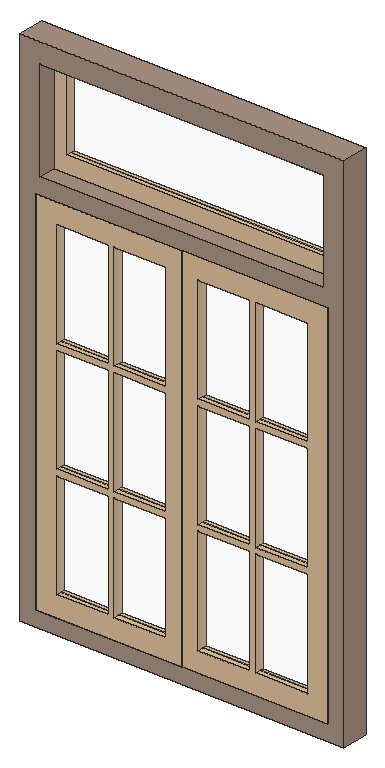
Revit family
Parameters (values of type "1200x1500 mm")
  Ventilator Height = 450 mm
  Top Rail = 60 mm
  Stile = 60 mm
  Material of Shutter = Shutter Material
  Material of Panel = Glass (2)
  Height = 1500 mm
  Frame Width = 75 mm
  Frame Depth = 100 mm
  Material of Frame = Frame Material
  Default Sill Height = 800 mm
  Wall Closure = (empty or 0)
  Width = 1200 mm
  Bottom Rail = 60 mm
Types (4, lengths in mm): name | Frame Width | Width
  (no name) | 75 | 1200
  1500x1500 mm | 60 | 1500
  1200x1500 mm | 75 | 1200
  1800x1500 mm | 60 | 1800
Reference planes
  plane 1: y = 0
  plane 2 "Center (Left/Right)": x = 0
  plane 3 "Left": x = -600
  plane 4 "Right": x = 600
  plane 5 "Sill": z = 800
  plane 6 "Head": z = 2300
  plane 7 "Exterior": y = 80
  plane 8 "Interior": y = -70
  plane 9: x = -525
  plane 10: x = 525
  plane 11: y = 50
  plane 12: y = -50
  plane 13: z = 2225
  plane 14: z = 875
  plane 15: x = -465
  plane 16: x = 465
  plane 17: z = 2165
  plane 18: z = 935
  plane 19: x = -60
  plane 20: x = 60
  plane 21: z = 1550
  plane 22: z = 2750
  plane 23: x = -475
  plane 24: x = -50
  plane 25: x = -262.5
  plane 26: x = 475
  plane 27: x = 50
  plane 28: x = 262.5
  plane 29: z = 2175
  plane 30: z = 925
  plane 31: z = 1758.333
  plane 32: z = 1341.667
Forms (mm)
  Sweep 1, solid, material "Frame Material"
    path origin (0, 0, 0) x (1, 0, 0) y (0, 0, 1)
      loop
        line (-600, 800) -> (600, 800) -> (600, 2300) -> (-600, 2300) -> (-600, 800)
    profile origin (0, 0, 1550) x (-1, 0, 0) y (0, -1, 0)
      loop
        line (600, 50) -> (540, 50) -> (540, 15) -> (525, 15) -> (525, -50) -> (600, -50) -> (600, 50)
  Extrusion 2, solid, material "Shutter Material" <- "Material of Shutter"
    sketch origin (0, -50, 0) x (1, 0, 0) y (0, 0, 1)
      loop
        line (2.5, 860) -> (540, 860) -> (540, 2240) -> (2.5, 2240) -> (2.5, 860)
      loop
        line (-2.5, 860) -> (-2.5, 2240) -> (-540, 2240) -> (-540, 860) -> (-2.5, 860)
      loop
        line (-465, 2165) -> (-465, 1768.333) -> (-272.5, 1768.333) -> (-272.5, 2165) -> (-465, 2165)
      loop
        line (-465, 935) -> (-272.5, 935) -> (-272.5, 1331.667) -> (-465, 1331.667) -> (-465, 935)
      loop
        line (-60, 935) -> (-60, 1331.667) -> (-252.5, 1331.667) -> (-252.5, 935) -> (-60, 935)
      loop
        line (-60, 2165) -> (-252.5, 2165) -> (-252.5, 1768.333) -> (-60, 1768.333) -> (-60, 2165)
      loop
        line (60, 2165) -> (60, 1768.333) -> (252.5, 1768.333) -> (252.5, 2165) -> (60, 2165)
      loop
        line (60, 935) -> (252.5, 935) -> (252.5, 1331.667) -> (60, 1331.667) -> (60, 935)
      loop
        line (465, 935) -> (465, 1331.667) -> (272.5, 1331.667) -> (272.5, 935) -> (465, 935)
      loop
        line (465, 2165) -> (272.5, 2165) -> (272.5, 1768.333) -> (465, 1768.333) -> (465, 2165)
      loop
        line (-465, 1748.333) -> (-465, 1351.667) -> (-272.5, 1351.667) -> (-272.5, 1748.333) -> (-465, 1748.333)
      loop
        line (-60, 1748.333) -> (-252.5, 1748.333) -> (-252.5, 1351.667) -> (-60, 1351.667) -> (-60, 1748.333)
      loop
        line (465, 1748.333) -> (272.5, 1748.333) -> (272.5, 1351.667) -> (465, 1351.667) -> (465, 1748.333)
      loop
        line (252.5, 1748.333) -> (60, 1748.333) -> (60, 1351.667) -> (252.5, 1351.667) -> (252.5, 1748.333)
    from 0 to -35
  Sweep 3, solid, material "Frame Material"
    path origin (0, 0, 0) x (1, 0, 0) y (0, 0, 1)
      loop
        line (-600, 2300) -> (-600, 2750) -> (600, 2750) -> (600, 2300)
    profile origin (0, 0, 2525) x (-1, 0, 0) y (0, -1, 0)
      loop
        line (540, -15) -> (540, -50) -> (600, -50) -> (600, 50) -> (525, 50) -> (525, -15) -> (540, -15)
  Extrusion 4, solid, material "Shutter Material" <- "Material of Shutter"
    sketch origin (0, 50, 0) x (1, 0, 0) y (0, 0, 1)
      loop
        line (540, 2300) -> (540, 2690) -> (-540, 2690) -> (-540, 2300) -> (540, 2300)
      loop
        line (480, 2360) -> (480, 2630) -> (-480, 2630) -> (-480, 2360) -> (480, 2360)
    from 0 to 35
  Extrusion 5, solid, material "Glass (2)" <- "Material of Panel"
    sketch origin (0, 0, 0) x (1, 0, 0) y (0, 0, 1)
      loop
        line (-480, 2630) -> (-480, 2360) -> (480, 2360) -> (480, 2630) -> (-480, 2630)
    from -34.712 to -30.712
  Extrusion 6, solid, material "Glass (2)" <- "Material of Panel"
    sketch origin (0, -50, 0) x (1, 0, 0) y (0, 0, 1)
      loop
        line (-465, 2165) -> (-465, 1768.333) -> (-272.5, 1768.333) -> (-272.5, 2165) -> (-465, 2165)
      loop
        line (-252.5, 2165) -> (-252.5, 1768.333) -> (-60, 1768.333) -> (-60, 2165) -> (-252.5, 2165)
      loop
        line (-465, 1748.333) -> (-465, 1351.667) -> (-272.5, 1351.667) -> (-272.5, 1748.333) -> (-465, 1748.333)
      loop
        line (-252.5, 1748.333) -> (-252.5, 1351.667) -> (-60, 1351.667) -> (-60, 1748.333) -> (-252.5, 1748.333)
      loop
        line (-465, 1331.667) -> (-465, 935) -> (-272.5, 935) -> (-272.5, 1331.667) -> (-465, 1331.667)
      loop
        line (-252.5, 1331.667) -> (-252.5, 935) -> (-60, 935) -> (-60, 1331.667) -> (-252.5, 1331.667)
      loop
        line (60, 2165) -> (60, 1768.333) -> (252.5, 1768.333) -> (252.5, 2165) -> (60, 2165)
      loop
        line (272.5, 2165) -> (272.5, 1768.333) -> (465, 1768.333) -> (465, 2165) -> (272.5, 2165)
      loop
        line (60, 1748.333) -> (60, 1351.667) -> (252.5, 1351.667) -> (252.5, 1748.333) -> (60, 1748.333)
      loop
        line (272.5, 1748.333) -> (272.5, 1351.667) -> (465, 1351.667) -> (465, 1748.333) -> (272.5, 1748.333)
      loop
        line (60, 1331.667) -> (60, 935) -> (252.5, 935) -> (252.5, 1331.667) -> (60, 1331.667)
      loop
        line (272.5, 1331.667) -> (272.5, 935) -> (465, 935) -> (465, 1331.667) -> (272.5, 1331.667)
    from -21 to -17
Cuts and joins
  joined: Sweep 1, Sweep 3
Lines and regions (mm)
  Opening 1
    outline origin (3500, -70, 0) x (1, 0, 0) y (0, 0, 1)
      loop
        line (-2900, 800) -> (-2900, 2300) -> (-2900, 2750) -> (-4100, 2750) -> (-4100, 2300) -> (-4100, 800) -> (-2900, 800)
  symbolic lines, style "Elevation Swing"
    curve 1: line (-2.5, 0, 2240) -> (-540, 0, 1550)
    curve 2: line (-2.5, 0, 860) -> (-540, 0, 1550)
    curve 3: line (2.5, 0, 860) -> (540, 0, 1550)
    curve 4: line (2.5, 0, 2240) -> (540, 0, 1550)
  symbolic lines, style "WindowsFrameMullionProjection", detail levels medium+fine
    curve 5: line (-600, 50, 0) -> (-525, 50, 0)
    curve 6: line (-525, 50, 0) -> (-525, -15, 0)
    curve 7: line (-540, -15, 0) -> (-525, -15, 0)
    curve 8: line (-540, -15, 0) -> (-540, -50, 0)
    curve 9: line (-600, -50, 0) -> (-540, -50, 0)
    curve 10: line (600, 50, 0) -> (525, 50, 0)
    curve 11: line (525, 50, 0) -> (525, -20, 0)
    curve 12: line (525, -15, 0) -> (540, -15, 0)
    curve 13: line (540, -15, 0) -> (540, -50, 0)
    curve 14: line (540, -50, 0) -> (600, -50, 0)
    curve 15: line (600, -50, 0) -> (600, 50, 0)
    curve 16: line (-600, 50, 0) -> (-600, -50, 0)
  symbolic lines, style "Plan Swing"
    curve 17: line (-540, -15, 0) -> (540, -15, 0)
    curve 18: line (-540, -50, 0) -> (540, -50, 0)
    curve 19: line (0, -15, 0) -> (0, -50, 0)
  symbolic lines, style "WindowsFrameMullionProjection", detail levels coarse
    curve 20: line (-540, -50, 0) -> (-600, -50, 0)
    curve 21: line (-540, 50, 0) -> (-540, -50, 0)
    curve 22: line (-600, 50, 0) -> (-540, 50, 0)
    curve 23: line (-600, -50, 0) -> (-600, 50, 0)
    curve 24: line (540, -50, 0) -> (600, -50, 0)
    curve 25: line (540, 50, 0) -> (540, -50, 0)
    curve 26: line (600, 50, 0) -> (540, 50, 0)
    curve 27: line (600, -50, 0) -> (600, 50, 0)
Text (mm)
  text "EXTERIOR" at (-1963.203, 1332.353, 0), in view "Ref. Level"
  text "INTERIOR" at (-1981.466, -818.386, 0), in view "Ref. Level"
  text "Exterior" at (0, 923.751, 2943.296), in view "Right"
  text "Exterior" at (0, 1040.484, 2685.409), in view "Left"
Dimensions and locks
  equal spacing: plane 3 "Left", plane 2 "Center (Left/Right)", plane 4 "Right"
  "Width": plane 3 "Left" to plane 4 "Right"
  "Height": plane 5 "Sill" to plane 6 "Head"
  "Default Sill Height": plane 5 "Sill" to level
  locked: plane 7 "Exterior" to host wall at 0
  locked: plane 8 "Interior" to host wall
  locked: Sweep 1 sketch curve to Sweep 1 sketch curve at 15
  "Frame Width": plane 3 "Left" to plane 9
  "Frame Width": plane 10 to plane 4 "Right"
  equal spacing: plane 12, plane 1, plane 11
  "Frame Depth": plane 12 to plane 11
  "Frame Width": plane 6 "Head" to plane 13
  "Frame Width": plane 14 to plane 5 "Sill"
  "Stile": plane 15 to plane 9
  "Stile": plane 10 to plane 16
  "Stile": plane 2 "Center (Left/Right)" to plane 19
  "Stile": plane 20 to plane 2 "Center (Left/Right)"
  "Top Rail": plane 13 to plane 17
  "Bottom Rail": plane 18 to plane 14
  equal spacing: plane 6 "Head", plane 21, plane 5 "Sill"
  "Ventilator Height": plane 22 to plane 6 "Head"
  equal spacing: plane 23, plane 25, plane 24
  equal spacing: plane 26, plane 28, plane 27
  locked: plane 23 to plane 15 at 10
  locked: plane 24 to plane 19 at 10
  locked: plane 27 to plane 20 at 10
  locked: plane 26 to plane 16 at 10
  equal spacing: plane 29, plane 31, plane 32, plane 30
  locked: plane 29 to plane 17 at 10
  locked: plane 18 to plane 30 at 10
  locked: Sweep 1 sketch curve to Sweep 1 sketch curve at 35
  locked: Sweep 3 sketch curve to Sweep 3 sketch curve at 35
  locked: Sweep 3 sketch curve to Sweep 3 sketch curve at 15
  locked: Extrusion 4 to Extrusion 5 at 15.712
  locked: Extrusion 5 to Sweep 3 at 15.288
  aligned and locked: host wall to Sweep 1 sketch curve
  aligned and locked: Sweep 1 sketch curve to host wall  (x2)
  aligned and locked: plane 12 to Sweep 1 sketch curve
  aligned and locked: Sweep 1 sketch curve to plane 3 "Left"
  aligned and locked: plane 11 to Sweep 1 sketch curve
  aligned and locked: plane 9 to Sweep 1 sketch curve
  aligned and locked: plane 15 to Extrusion 2 sketch curve
  aligned and locked: plane 17 to Extrusion 2 sketch curve  (x2)
  aligned and locked: plane 18 to Extrusion 2 sketch curve  (x2)
  aligned and locked: Extrusion 2 sketch curve to plane 19
  aligned and locked: plane 20 to Extrusion 2 sketch curve
  aligned and locked: Extrusion 2 sketch curve to plane 16
  aligned and locked: Extrusion 2 to curve 1
  aligned and locked: curve 1 to Sweep 1
  aligned and locked: curve 2 to Extrusion 2
  aligned and locked: Extrusion 2 to curve 3
  aligned and locked: Sweep 1 to curve 3
  aligned and locked: curve 4 to Extrusion 2
  aligned and locked: curve 5 to Sweep 1  (x2)
  aligned and locked: curve 6 to Sweep 1
  aligned and locked: curve 7 to Sweep 1
  aligned and locked: Sweep 1 to curve 9
  aligned and locked: Sweep 1 to curve 10
  aligned and locked: curve 11 to Sweep 1
  aligned and locked: curve 11 to curve 12
  aligned and locked: Sweep 1 to curve 12
  aligned and locked: Sweep 1 to curve 13
  aligned and locked: Opening 1 sketch curve to plane 3 "Left"
  aligned and locked: plane 22 to Opening 1 sketch curve
  aligned and locked: Sweep 3 sketch curve to host wall  (x3)
  aligned and locked: Extrusion 4 sketch curve to Sweep 3
  aligned and locked: Extrusion 2 to Sweep 1
  aligned and locked: plane 12 to Extrusion 2
  aligned and locked: plane 11 to Sweep 3 sketch curve
  aligned and locked: Sweep 3 sketch curve to Sweep 1  (x3)
  aligned and locked: Extrusion 4 to Extrusion 5 sketch curve
  aligned and locked: Extrusion 5 sketch curve to Extrusion 4  (x3)
  aligned and locked: Extrusion 2 to Extrusion 6 sketch curve  (x12)
  aligned and locked: Extrusion 6 sketch curve to Extrusion 2  (x36)
  aligned and locked: Extrusion 4 to Sweep 3
  aligned and locked: Extrusion 4 to Sweep 1
  aligned and locked: curve 7 to curve 17
  aligned and locked: plane 12 to curve 18
  aligned and locked: curve 19 to plane 2 "Center (Left/Right)"
  aligned and locked: curve 27 to Sweep 1  (x2)
Automatic sketch dimensions
  curve 2 to plane 21 = 0 mm
  curve 4 to plane 21 = 0 mm
  curve 1 to plane 13 = 15 mm
  curve 4 to curve 1 = 0 mm
  plane 14 to curve 3 = 15 mm
  curve 2 to curve 3 = 0 mm
  Opening 1 sketch curve to plane 4 "Right" = 0 mm
  Opening 1 sketch curve to plane 5 "Sill" = 0 mm
  Opening 1 sketch curve to plane 6 "Head" = 0 mm  (x2)
  Sweep 1 sketch curve to plane 6 "Head" = 0 mm
  Sweep 3 sketch curve to plane 6 "Head" = 0 mm  (x2)
  Extrusion 4 sketch curve to plane 9 = 15 mm
  plane 10 to Extrusion 4 sketch curve = 15 mm
  plane 22 to Extrusion 4 sketch curve = 60 mm
  Extrusion 4 sketch curve to plane 6 "Head" = 60 mm
  Extrusion 4 sketch curve to Extrusion 4 sketch curve = 60 mm  (x3)
  Extrusion 2 sketch curve to plane 15 = 0 mm  (x2)
  Extrusion 2 sketch curve to plane 18 = 0 mm  (x2)
  Extrusion 2 sketch curve to plane 17 = 0 mm  (x2)
  Extrusion 2 sketch curve to plane 19 = 0 mm  (x2)
  Extrusion 2 sketch curve to plane 20 = 0 mm  (x2)
  Extrusion 2 sketch curve to plane 16 = 0 mm  (x2)
  Extrusion 2 sketch curve to plane 9 = 15 mm
  plane 25 to Extrusion 2 sketch curve = 10 mm  (x3)
  Extrusion 2 sketch curve to plane 25 = 10 mm  (x3)
  Extrusion 2 sketch curve to plane 2 "Center (Left/Right)" = 2.5 mm
  plane 2 "Center (Left/Right)" to Extrusion 2 sketch curve = 2.5 mm
  plane 28 to Extrusion 2 sketch curve = 10 mm  (x3)
  Extrusion 2 sketch curve to plane 28 = 10 mm  (x3)
  plane 10 to Extrusion 2 sketch curve = 15 mm
  plane 14 to Extrusion 2 sketch curve = 15 mm  (x2)
  plane 32 to Extrusion 2 sketch curve = 10 mm  (x4)
  Extrusion 2 sketch curve to plane 32 = 10 mm  (x4)
  plane 31 to Extrusion 2 sketch curve = 10 mm  (x4)
  Extrusion 2 sketch curve to plane 31 = 10 mm  (x4)
  Extrusion 2 sketch curve to plane 13 = 15 mm  (x2)
  plane 10 to curve 18 = 15 mm
  curve 11 to curve 12 = 5 mm
  plane 1 to curve 7 = 15 mm
